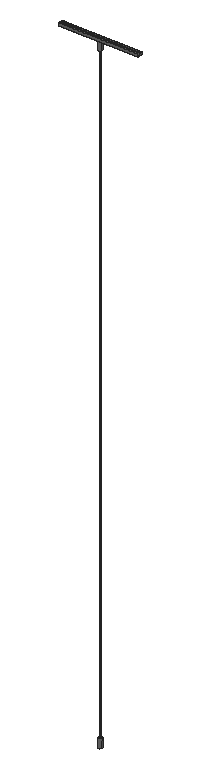
Revit family "ARKOSLIGHT_Minimal Track Suspension 24V_Profile + Rubber Cable Xm", category Lighting Fixtures, host Face, Revit 2019
Family settings
  Host = Face
  Round Connector Dimension = Use Diameter
  Part Type = Normal
  Cut with Voids When Loaded = No
  Light Source = No
  Shared = No
  Room Calculation Point = No
Parameters (values of type "A3840X00N - MINIMAL TRACK 24V PROFILE XM N + U3840001N - RUBBER CABLE")
  ARKOSLIGHT_Suspension offset [instance] = 50 mm
  User cable length [instance] = 2000 mm
  URL = "https://www.arkoslight.com/en/product/24vmt-es/"
  Model = ARKOSLIGHT_Model  # "ACCESSORIES"
  ARKOSLIGHT_Suspensions number [instance] = if(Length < 1001 mm, roundup((Length / 1000 mm) + 1), roundup(Length / 1000 mm))  # 2
  Manufacturer = "ARKOSLIGHT"  # constant formula
  Length [instance] = 250 mm
  Description = "Select the number, feed type and length of profiles suitable for the defined length. End cap kit and other accessories not included"
  Cable length [instance] = if(User cable length > 2000 mm, 2000 mm, if(User cable length < 120 mm, 120 mm, User cable length))  # 2000 mm
  ARKOSLIGHT_Suspensions [instance] = not(ARKOSLIGHT_One suspension)  # no
  ARKOSLIGHT_Series = "TRACK 24V ACCESSORIES"  # constant formula
  ARKOSLIGHT_Reference = "A3840X00N"
  ARKOSLIGHT_Model = "ACCESSORIES"  # constant formula
  ARKOSLIGHT_Initial Cap [instance] = no
  ARKOSLIGHT_End Cap [instance] = no
  ARKOSLIGHT_Color = "Black"
  ARKOSLIGHT_Fixture Type = "ACCESSORIES"  # constant formula
  Default Elevation = 0 mm
  Apparent Load = 0 VA  # constant formula
  ARKOSLIGHT_Body Color = ARKOSLIGHT_Black
  ARKOSLIGHT_One suspension [instance] = if(Length < 499 mm, 1 = 1, 1 = 2)  # yes
Types (4, lengths in mm): name | ARKOSLIGHT_Reference | ARKOSLIGHT_Color | ARKOSLIGHT_Body Color
  A4000XY0WT - MINIMAL TRACK 24V SUSP PROFILE XM Y-FEED KIT WT + A3840001N - RUBBER CABLE | "A4000XY0WT" | "Textured white" | ARKOSLIGHT_Textured white
  A4000XY0N - MINIMAL TRACK 24V SUSP PROFILE XM Y-FEED KIT N + A3840001N - RUBBER CABLE | "A4000XY0N" | "Black" | ARKOSLIGHT_Black
  A3840X00N - MINIMAL TRACK 24V PROFILE XM N + U3840001N - RUBBER CABLE | "A3840X00N" | "Black" | ARKOSLIGHT_Black
  A3840X00WT - MINIMAL TRACK 24V PROFILE XM WT + U3840001N - RUBBER CABLE | "A3840X00WT" | "Textured white" | ARKOSLIGHT_Textured white
Reference planes
  plane 1 "Center (Front/Back)": y = 0
  plane 2: z = 0
  plane 3 "Center (Left/Right)": x = 0
  plane 4: x = 125
  plane 5: x = -125
  plane 6: y = 7.5
  plane 7: y = -7.5
  plane 8: z = 2010
  plane 9: x = -125.8
  plane 10: x = 125.8
  plane 11: z = 2000
  plane 12: x = -119
  plane 13: x = 119
Forms (mm)
  Extrusion 1, solid, material "ARKOSLIGHT_Black" <- "ARKOSLIGHT_Body Color"
    sketch origin (-125, -221.408, 1219.2) x (0, -1, 0) y (0, 0, -1)
      loop
        line (-228.908, -780.8) -> (-228.908, -790.8) -> (-226.408, -790.8) -> (-226.408, -789.9) -> (-227.308, -789.9) -> (-227.308, -782.4) -> (-215.508, -782.4) -> (-215.508, -789.9) -> (-216.408, -789.9) -> (-216.408, -790.8) -> (-213.908, -790.8) -> (-213.908, -780.8) -> (-228.908, -780.8)
    from 0 to 250
  Extrusion 2, solid, material "ARKOSLIGHT_Black"
    sketch origin (-125, -221.408, 1219.2) x (0, -1, 0) y (0, 0, -1)
      loop
        line (-227.308, -782.4) -> (-227.308, -786.8) -> (-215.508, -786.8) -> (-215.508, -782.4) -> (-227.308, -782.4)
    from 0 to 250
  Extrusion 3, solid, material "ARKOSLIGHT_Black" <- "ARKOSLIGHT_Body Color", visible <- "ARKOSLIGHT_End Cap"
    sketch origin (-186.022, -4572.344, 2000) x (-1, 0, 0) y (0, -1, 0)
      loop
        line (-311.022, -4579.844) -> (-311.022, -4564.844) -> (-311.822, -4564.844) -> (-311.822, -4579.844) -> (-311.022, -4579.844)
    from 0 to 10
  Extrusion 4, solid, material "ARKOSLIGHT_Black" <- "ARKOSLIGHT_Body Color", visible <- "ARKOSLIGHT_Initial Cap"
    sketch origin (-186.022, -4572.344, 2000) x (-1, 0, 0) y (0, -1, 0)
      loop
        line (-61.022, -4579.844) -> (-60.222, -4579.844) -> (-60.222, -4564.844) -> (-61.022, -4564.844) -> (-61.022, -4579.844)
    from 0 to 10
  Extrusion 5, solid, material "ARKOSLIGHT_Black", visible <- "ARKOSLIGHT_One suspension"
    sketch origin (0, 0, 0) x (1, 0, 0) y (0, 1, 0)
      loop
        circle (0, 0) r 0.5
    from 0 to 2000
  Extrusion 6, solid, material "ARKOSLIGHT_Black", visible <- "ARKOSLIGHT_One suspension"
    sketch origin (0, 0, 0) x (1, 0, 0) y (0, 1, 0)
      loop
        circle (0, 0) r 6
    from 0 to 26
  Extrusion 7, solid, material "ARKOSLIGHT_Black", visible <- "ARKOSLIGHT_One suspension"
    sketch origin (-186.022, -4572.344, 2000) x (-1, 0, 0) y (0, -1, 0)
      loop
        circle (-186.022, -4572.344) r 6
    from 0 to -26
Dimensions and locks
  "Length": plane 5 to plane 4
  "Cable length": plane 11 to plane 2
  equal spacing: plane 5, plane 3 "Center (Left/Right)", plane 4
  equal spacing: plane 6, plane 1 "Center (Front/Back)", plane 7
  locked: plane 6 to plane 7 at 15
  locked: plane 9 to plane 5 at 0.8
  locked: plane 4 to plane 10 at 0.8
  locked: plane 8 to plane 11 at 10
  locked: Extrusion 2 sketch curve to plane 11 at 6
  locked: Extrusion 2 sketch curve to plane 11 at 1.6
  locked: plane 8 to Extrusion 1 sketch curve at 0.9  (x2)
  locked: Extrusion 1 sketch curve to plane 11 at 1.6
  group 1 to group 2 = 138 mm
  group 1 to group 2 = 0 mm  (x2)
  "ARKOSLIGHT_Suspension offset": nested 1 to plane 12
  "ARKOSLIGHT_Suspension offset": plane 13 to nested 2
  locked: plane 5 to plane 12 at 6
  locked: plane 13 to plane 4 at 6
  aligned and locked: plane 2 to host face
  aligned and locked: level to host face
  aligned and locked: Extrusion 1 to plane 5
  aligned and locked: Extrusion 1 to plane 4
  aligned and locked: plane 6 to Extrusion 1 sketch curve
  aligned and locked: plane 7 to Extrusion 1 sketch curve
  aligned and locked: plane 8 to Extrusion 1 sketch curve
  aligned and locked: Extrusion 2 to plane 4
  aligned and locked: Extrusion 2 to plane 5
  aligned and locked: Extrusion 3 sketch curve to Extrusion 1  (x2)
  aligned and locked: plane 7 to Extrusion 3 sketch curve
  aligned and locked: plane 10 to Extrusion 3 sketch curve
  aligned and locked: Extrusion 4 sketch curve to plane 9
  aligned and locked: plane 5 to Extrusion 4 sketch curve
  aligned and locked: plane 6 to Extrusion 4 sketch curve
  aligned and locked: Extrusion 4 sketch curve to plane 7
  aligned and locked: plane 8 to Extrusion 4
  aligned and locked: plane 8 to Extrusion 3
  aligned and locked: Extrusion 1 sketch curve to plane 11
  aligned and locked: Extrusion 4 to plane 11
  aligned and locked: Extrusion 3 to plane 11
  aligned and locked: plane 11 to Extrusion 5
Automatic sketch dimensions
  host sketch curve to host sketch curve = 3663.488 mm
  host sketch curve to host sketch curve = 2837.673 mm
  Extrusion 1 sketch curve to plane 8 = 0 mm
  plane 6 to Extrusion 1 sketch curve = 1.6 mm
  Extrusion 1 sketch curve to Extrusion 1 sketch curve = 0.9 mm  (x2)
  Extrusion 1 sketch curve to plane 7 = 2.5 mm
  plane 6 to Extrusion 2 sketch curve = 1.6 mm
  Extrusion 2 sketch curve to plane 7 = 1.6 mm
  plane 1 "Center (Front/Back)" to Extrusion 7 sketch curve = 0 mm
  Extrusion 7 sketch curve to plane 3 "Center (Left/Right)" = 0 mm
  plane 1 "Center (Front/Back)" to Extrusion 6 sketch curve = 0 mm
  Extrusion 6 sketch curve to plane 3 "Center (Left/Right)" = 0 mm
  plane 1 "Center (Front/Back)" to Extrusion 5 sketch curve = 0 mm
  Extrusion 5 sketch curve to plane 3 "Center (Left/Right)" = 0 mm
  radius of Extrusion 7 sketch curve = 6 mm
  radius of Extrusion 6 sketch curve = 6 mm
  radius of Extrusion 5 sketch curve = 0.5 mm
Nested families
  nested 1: "Suspension 24V" at (-444, 0, 0), Cable length <- "Cable length", visible <- "ARKOSLIGHT_Suspensions", type "24V SUSP"
    with Cable length 2000 mm, Apparent Load 0 VA
  nested 2: "Suspension 24V" at (-306, 0, 0), Cable length <- "Cable length", visible <- "ARKOSLIGHT_Suspensions", type "24V SUSP"
    with Cable length 2000 mm, Apparent Load 0 VA
Definition of nested family "Suspension 24V"
  Parameters (values of type "24V SUSP")
    URL = "https://www.arkoslight.com/en/product/24vmt-es/"
    Model = "ACCESSORIES"
    Manufacturer = "ARKOSLIGHT"  # constant formula
    Description = "Select the number, feed type and length of profiles suitable for the defined length. End cap kit and other accessories not included"
    Cable length [instance] = 120 mm
    Default Elevation = 0 mm
    Apparent Load = 4.2 VA
  Reference planes
    plane 1 "Center (Front/Back)": y = 0
    plane 2: z = 0
    plane 3 "Center (Left/Right)": x = 375
    plane 4: y = 7.5
    plane 5: y = -7.5
    plane 6: z = 120
  Forms (mm)
    Extrusion 1, solid
      sketch origin (0, 0, 0) x (1, 0, 0) y (0, 1, 0)
        loop
          line (-268.3, 600) -> (-268.3, -505.173) -> (1098.488, -505.173) -> (1098.488, 600) -> (-268.3, 600)
      from 0 to -12.5
    Extrusion 2, solid
      sketch origin (0, 0, 0) x (1, 0, 0) y (0, 1, 0)
        loop
          circle (375, 0) r 0.5
      from 0 to 120
    Extrusion 3, solid
      sketch origin (0, 0, 0) x (1, 0, 0) y (0, 1, 0)
        loop
          circle (375, 0) r 6
      from 0 to 26
    Extrusion 4, solid
      sketch origin (-186.022, -4572.344, 120) x (-1, 0, 0) y (0, -1, 0)
        loop
          circle (-561.022, -4572.344) r 6
      from 0 to -26
  Cuts and joins
    joined: Extrusion 2, Extrusion 3, Extrusion 4
  Dimensions and locks
    "Cable length": plane 6 to plane 2
    equal spacing: plane 4, plane 1 "Center (Front/Back)", plane 5
    locked: plane 4 to plane 5 at 15
    aligned and locked: plane 2 to Extrusion 1
    aligned and locked: level to Extrusion 1
    aligned and locked: Extrusion 2 to plane 2
    aligned and locked: plane 6 to Extrusion 2
    aligned and locked: plane 3 "Center (Left/Right)" to Extrusion 2 sketch curve
    aligned and locked: plane 1 "Center (Front/Back)" to Extrusion 2 sketch curve
    aligned and locked: plane 3 "Center (Left/Right)" to Extrusion 3 sketch curve
    aligned and locked: plane 1 "Center (Front/Back)" to Extrusion 3 sketch curve
  Automatic sketch dimensions
    Extrusion 1 sketch curve to Extrusion 1 sketch curve = 1366.787 mm
    Extrusion 1 sketch curve to Extrusion 1 sketch curve = 1105.173 mm
    plane 1 "Center (Front/Back)" to Extrusion 4 sketch curve = 0 mm
    Extrusion 4 sketch curve to plane 3 "Center (Left/Right)" = 0 mm
    radius of Extrusion 2 sketch curve = 0.5 mm
    radius of Extrusion 3 sketch curve = 6 mm
    radius of Extrusion 4 sketch curve = 6 mm
